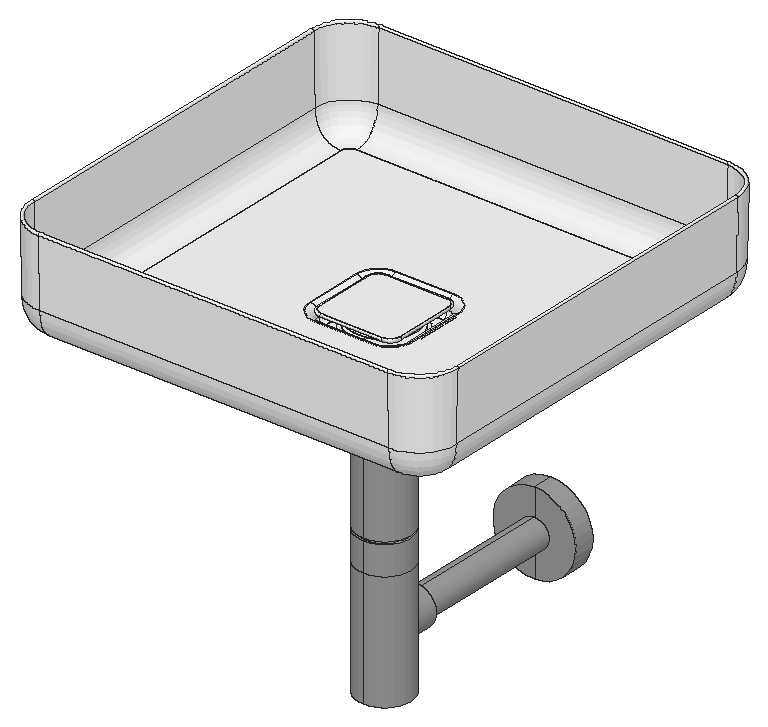
Revit family "KDW030047", category Plumbing Fixtures, Revit 2015
Parameters
  Youtube clip = ""
  Weight Net (Kg) = "8.9"
  Weight = "8.9"
  Website link = "https://www.kaldewei.co.uk/products/washbasins/detail/product/miena-schale/"
  WaterSupplyOverflowAndWasteHolesWaterSupply = "n/a"
  WaterSupplyOverflowAndWasteHolesWaste = "n/a"
  WaterSupplyOverflowAndWasteHolesOverflow = "n/a"
  WarrantyStartDate = "https://www.kaldewei.co.uk/fileadmin/data/sprachen/englisch/prospekte/rest/GB_GUARANTEE__CARE_AND_INSTALLATION_INSTRUCTIONS.pdf"
  WarrantyDurationUnit = "Year"
  WarrantyDurationParts = "30"
  VolumeToOverflowMaximum = "n/a"
  Version = "3"
  Uniformat II Description = ""
  Uniformat II Code = ""
  Uniclass2 = "Pr_40_20_96"
  Uniclass 2015 Name = ""
  Uniclass 2015 Code = ""
  Uniclass 2.0 Description = "Wash Basin Systems"
  Uniclass 2.0 Code = "SS-35-65-70-94"
  Uniclass 1.4 Description = "Washbasins"
  Uniclass 1.4 Code = "L7212"
  URL = "https://www.kaldewei.com"
  UNSPSCNames = "Sinks"
  UNSPSCCode = "30181504"
  UNSPSC Code = "301815"
  Type of support framing = "https://www.kaldewei.co.uk/products/washbasins/detail/product/miena-schale/?tx_wkkaldeweiproducts_product%5Bmodellnr%5D=3184&cHash=bdbbb1fb4d387b98c9bd922148e874df#tabConfiguration"
  Type of accessories = "https://www.kaldewei.co.uk/products/washbasins/detail/product/miena-schale/?tx_wkkaldeweiproducts_product%5Bmodellnr%5D=3184&cHash=bdbbb1fb4d387b98c9bd922148e874df#tabConfiguration"
  Technical description = "https://www.kaldewei.co.uk/fileadmin/data/sprachen/englisch/techdata/KADBE_WT_MIENA____________3184_.pdf"
  Technical data link = "https://kaldewei.typo-live.web-factory.de/fileadmin/data/sprachen/englisch/techdata/KADBE_WT_MIENA____________3184_.pdf"
  Sustainability = "https://EN 15804"
  Sound Insulation = "DIN 4109:2016, VDI4100:2012"
  Size = "400x400"
  Shape = "Bowl"
  SerialNumber = "3184"
  Region South America = "AR, BO, BR, CL, CO, EC, FK, GF, GY, PE, PY, SR, UY, VE"
  Region Oceania = "AS, AU, CK, FJ, FM, GU, KI, MH, MP, NC, NF, NR, NU, NZ, PF, PG, PN, PW, SB, TK, TL, TO, TV, UM, WF, WS, VU"
  Region North America = "AG, AI, AW, BB, BL, BM, BQ, BS, BZ, CA, CR, CU, CW, DM, DO, GD, GL, GP, GT, HN, HT, JM, KN, KY, LC, MF, MQ, MS, MX, NI, PA, PM, PR, SV, SX, TC, TT, US, VC, VG, VI"
  Region Middle East = "AE, AF, BH, EG, IL, IQ, IR, JO, KW, LB, OM, PS, QA, SA, SY, TR, YE"
  Region Europe = "AD, AL, AT, AX, BA, BE, BG, BY, CH, CY, CZ, DE, DK, EE, ES, FI, FO, FR, GB, GG, GI, GR, HR, HU, IE, IM, IS, IT, JE, LI, LT, LU, LV, MC, MD, ME, MK, MT, NL, NO, PL, PT, RO, RS, RU, SE, SI, SJ, SK, SM, UA, VA"
  Region Asia = "AM, AZ, BD, BN, BT, CC, CN, CX, GE, HK, ID, IN, IO, JP, KG, KH, KP, KR, KZ, LA, LK, MM, MN, MO, MV, MY, NP, PH, PK, SG, TH, TJ, TM, TW, UZ, VN"
  Region Antarctica = "AQ, BV, GS, HM, TF"
  Region Africa = "AO, BF, BI, BJ, BW, CD, CF, CG, CI, CM, CV, DJ, DZ, EH, ER, ET, GA, GH, GM, GN, GQ, GW, KE, KM, LR, LS, LY, MA, MG, ML, MR, MU, MW, MZ, NA, NE, NG, RE, RW, SC, SD, SH, SL, SN, SO, SS, ST, SZ, TD, TG, TN, TZ, UG, YT, ZA, ZM, ZW"
  QR code = "http://bimobject.com/kaldewei/product/3184"
  ProductInformation = "Model No. 3184: The angular MIENA bowls are just as filigree but with a far more masculine look. Comparatively small radii, the only partially rounded contours and the square waste cover accentuate this effect – and extend the spectrum of the bowl family in the most elegant way."
  Product url = "https://www.kaldewei.co.uk/products/washbasins/detail/product/miena-schale/"
  Product group = "Washbasin"
  Product family = "MIENA"
  Product data url = "http://bimobject.com/kaldewei/product/3184"
  Product certification = "https://www.kaldewei.co.uk/fileadmin/data/sprachen/alle/pdfs/leistungserkla__rungBW-DW-WT-0216Web.pdf"
  Product SKU = "3184"
  Product Guid = "ac8ec725-e15d-4e3a-a61a-953c5a2300ba"
  Polantis code = "KDW030047"
  PanelMaterial = "n/a"
  OmniClass Description = ""
  OmniClass Code = ""
  ObjectNorm = "EN 14688 EU DECLARATION OF PERFORMANCE (https://www.kaldewei.de/fileadmin/data/sprachen/alle/pdfs/leistungserkla__rungBW-DW-WT-0216Web.pdf)"
  ObjectName = "MIENA bowl 400x400"
  Nominal width = 400 cm
  Nominal height = 400 cm
  Name = "MIENA bowl"
  NBS Reference Description = "Wash Basin Systems"
  NBS Reference Code = "35-65-70-94"
  Material secondary = "Enamel"
  Material main = "Steel"
  Material = "steel enamel"
  Masterformat 2014 Description = ""
  Masterformat 2014 Code = ""
  ManufacturerName = "KALDEWEI"
  ManufacturerEmail = "info@kaldewei.de"
  ManufacturerCountry = "GERMANY"
  Manufacturer name = ""
  Manufacturer country = "Germany"
  Link towards a photo of the product = "https://www.kaldewei.co.uk/products/washbasins/detail/product/miena-schale/?tx_wkkaldeweiproducts_product%5Bmodellnr%5D=3184&cHash=bdbbb1fb4d387b98c9bd922148e874df#tabConfiguration"
  Installation instructions = ""
  IfcExportType = "IfcSanitaryTerminalType"
  IfcExportAs = "WASHHANDBASIN"
  IFC Classification = "Furnishing Element"
  Finish = "n/a"
  Edition number = "1"
  EAN code = ""
  Durability = "https://EN 14688"
  DrainSize = "n/a"
  Design country = "Germany"
  Description details = "KALDEWEI international Worldwide partner for iconic bathroom solutions made of KALDEWEI steel enamel  KALDEWEI steel enamel delivers unique advantages that inspire excellence in bathroom design. Projects across the world, from upmarket hotels to private homes, capture the sophisticated aesthetic that recommends KALDEWEI as the partner of choice. As a leading international manufacturer of high-quality shower surfaces, bathtubs and washbasins made of superior steel enamel, KALDEWEI today is present in more than 80 countries."
  Date of publishing = ""
  Configurator link = "https://www.kaldewei.co.uk/products/washbasins/detail/product/emerso-einbauwaschtisch/?tx_wkkaldeweiproducts_product%5Bmodellnr%5D=3022&cHash=126328c1e5a53dcef11378cd556585e1#tabConfiguration"
  ColourOptions = "https://www.kaldewei.co.uk/inspiration/material/colours/"
  Color = "https://www.kaldewei.co.uk/inspiration/material/colours/"
  COBIe Type Category = ""
  Brand url = "http://www.kaldewei.com"
  BIMobject category = "Basins"
  Additional features of the object = "https://www.kaldewei.co.uk/products/washbasins/detail/product/miena-schale/?tx_wkkaldeweiproducts_product%5Bmodellnr%5D=3184&cHash=bdbbb1fb4d387b98c9bd922148e874df#tabConfiguration"
  Accessory = yes
Reference planes (cm)
  plane 1 "Center (Front/Back)": y = 0
  plane 2: z = 0
  plane 3 "Center (Left/Right)": x = 0
Forms (cm)
  Revolve 1, solid, material "Kaldewei"
    sketch origin (0.2274, 0, -2.414) x (1, 0, 0) y (0, 0, 1)
      loop
        line (-1.9572, 0) -> (-1.9572, 0.276) -> (-2.0589, 0.276)
        arc (-2.0589, 0.276) -> (-2.1755, 0.2995) -> (-2.2738, 0.3684) r 0.2922
        arc (-2.2738, 0.3684) -> (-2.5032, 0.6131) -> (-2.7309, 0.8594) r 45.8241
        arc (-2.7309, 0.8594) -> (-2.9295, 1.0032) -> (-3.1619, 1.0812) r 0.8132
        line (-3.1619, 1.0812) -> (-3.1619, 0.7962)
        arc (-3.1619, 0.7962) -> (-3.0543, 0.7486) -> (-2.9505, 0.6931) r 1.5713
        arc (-2.9505, 0.6931) -> (-2.7153, 0.4361) -> (-2.4769, 0.182) r 28.3462
        arc (-2.4769, 0.182) -> (-2.3825, 0.1102) -> (-2.2827, 0.046) r 1.5127
        arc (-2.2827, 0.046) -> (-2.1701, 0.0207) -> (-2.0566, 0) r 2.8744
        line (-2.0566, 0) -> (-1.9572, 0)
      axis (0.3425, 1.0812) -> (0.3425, 0)
    angle from 0 to 360
  Sweep 2, solid, material "Kaldewei"
    path origin (0.2274, 0, -2.414) x (1, 0, 0) y (0, 1, 0)
      loop
        arc (5.1102, 2.6877) -> (4.5011, 4.1583) -> (3.0305, 4.7675) r 2.0798
        line (3.0305, 4.7675) -> (-2.3403, 4.7675)
        arc (-2.3403, 4.7675) -> (-3.8142, 4.157) -> (-4.4247, 2.6831) r 2.0844
        line (-4.4247, 2.6831) -> (-4.4247, -2.6879)
        arc (-4.4247, -2.6879) -> (-3.8156, -4.1584) -> (-2.3451, -4.7675) r 2.0796
        line (-2.3451, -4.7675) -> (3.0259, -4.7675)
        arc (3.0259, -4.7675) -> (4.4998, -4.157) -> (5.1102, -2.6831) r 2.0844
        line (5.1102, -2.6831) -> (5.1102, 2.6877)
    profile origin (5.3377, 0.0023, -2.414) x (1, 0, 0) y (0, 0, 1)
      loop
        arc (0, 2.714) -> (-0.5512, 2.3595) -> (-0.755, 1.7367) r 0.9781
        arc (-0.755, 1.7367) -> (-0.8682, 1.3412) -> (-1.187, 1.0812) r 0.687
        line (-1.187, 1.0812) -> (-1.187, 0.7961)
        arc (-1.187, 0.7961) -> (-0.6831, 1.1058) -> (-0.5014, 1.6687) r 0.8536
        arc (-0.5014, 1.6687) -> (-0.3729, 2.123) -> (0, 2.4127) r 0.7566
        line (0, 2.4127) -> (0, 2.714)
  Extrusion 3, solid, material "Kaldewei"
    sketch origin (0.2274, 0, -2.414) x (1, 0, 0) y (0, 1, 0)
      loop
        arc (-2.3403, 3.5805) -> (-2.9748, 3.3176) -> (-3.2377, 2.6831) r 0.8973
        line (-3.2377, 2.6831) -> (-3.2377, -2.6879)
        arc (-3.2377, -2.6879) -> (-2.9762, -3.319) -> (-2.3451, -3.5804) r 0.8926
        line (-2.3451, -3.5804) -> (3.0259, -3.5804)
        arc (3.0259, -3.5804) -> (3.6604, -3.3176) -> (3.9232, -2.6831) r 0.8973
        line (3.9232, -2.6831) -> (3.9232, 2.6877)
        arc (3.9232, 2.6877) -> (3.6617, 3.319) -> (3.0305, 3.5805) r 0.8928
        line (3.0305, 3.5805) -> (-2.3403, 3.5805)
      loop
        circle (0.3425, 0) r 3.5041
    from 0.7961 to 1.0812
  Sweep 4, solid, material "Kaldewei"
    path origin (0.2274, 0, -2.414) x (1, 0, 0) y (0, 1, 0)
      loop
        line (16.6802, 17.1601) -> (-15.9924, 17.1601)
        arc (-15.9924, 17.1601) -> (-16.5707, 16.9206) -> (-16.8102, 16.3424) r 0.8178
        line (-16.8102, 16.3424) -> (-16.8102, -16.3424)
        arc (-16.8102, -16.3424) -> (-16.5707, -16.9206) -> (-15.9924, -17.1601) r 0.8178
        line (-15.9924, -17.1601) -> (16.6802, -17.1601)
        arc (16.6802, -17.1601) -> (17.2584, -16.9206) -> (17.4979, -16.3424) r 0.8178
        line (17.4979, -16.3424) -> (17.4979, 16.3424)
        arc (17.4979, 16.3424) -> (17.2584, 16.9206) -> (16.6802, 17.1601) r 0.8178
    profile origin (0.5713, 17.1601, -2.414) x (0, -1, 0) y (0, 0, 1)
      loop
        spline (-2.7246, 5.4355) -> (-2.6748, 4.9377) -> (-2.5987, 4.504) -> (-2.4943, 4.1264) -> (-2.3598, 3.7971) -> (-2.1931, 3.5082) -> (-1.9923, 3.2518) -> (-1.7556, 3.0212) -> (-1.482, 2.8189) -> (-1.1704, 2.6509) -> (-0.8201, 2.5233) -> (-0.4303, 2.4423) -> (0, 2.414)
        line (0, 2.414) -> (0, 2.714)
        spline (0, 2.714) -> (-0.3347, 2.7383) -> (-0.7116, 2.8137) -> (-1.0955, 2.9435) -> (-1.4513, 3.1311) -> (-1.7462, 3.3788) -> (-1.9733, 3.6735) -> (-2.1428, 3.9927) -> (-2.2651, 4.3134) -> (-2.3508, 4.6127) -> (-2.4083, 4.8815) -> (-2.441, 5.1453) -> (-2.4513, 5.4355)
        line (-2.4513, 5.4355) -> (-2.5624, 11.801)
        arc (-2.5624, 11.801) -> (-2.7004, 11.939) -> (-2.8385, 11.801) r 0.138
        line (-2.8385, 11.801) -> (-2.7246, 5.4355)
  Extrusion 5, solid, material "Kaldewei"
    sketch origin (0.2274, 0, -2.414) x (1, 0, 0) y (0, 1, 0)
      loop
        arc (-15.9924, 17.1601) -> (-16.5707, 16.9206) -> (-16.8102, 16.3424) r 0.8178
        line (-16.8102, 16.3424) -> (-16.8102, -16.3424)
        arc (-16.8102, -16.3424) -> (-16.5707, -16.9206) -> (-15.9924, -17.1601) r 0.8178
        line (-15.9924, -17.1601) -> (16.6802, -17.1601)
        arc (16.6802, -17.1601) -> (17.2584, -16.9206) -> (17.4979, -16.3424) r 0.8178
        line (17.4979, -16.3424) -> (17.4979, 16.3424)
        arc (17.4979, 16.3424) -> (17.2584, 16.9206) -> (16.6802, 17.1601) r 0.8178
        line (16.6802, 17.1601) -> (-15.9924, 17.1601)
      loop
        line (-2.3451, -4.7675) -> (3.0259, -4.7675)
        arc (3.0259, -4.7675) -> (4.4998, -4.157) -> (5.1102, -2.6831) r 2.0844
        line (5.1102, -2.6831) -> (5.1102, 2.6877)
        arc (5.1102, 2.6877) -> (4.5011, 4.1583) -> (3.0305, 4.7675) r 2.0798
        line (3.0305, 4.7675) -> (-2.3403, 4.7675)
        arc (-2.3403, 4.7675) -> (-3.8142, 4.157) -> (-4.4247, 2.6831) r 2.0844
        line (-4.4247, 2.6831) -> (-4.4247, -2.6879)
        arc (-4.4247, -2.6879) -> (-3.8156, -4.1584) -> (-2.3451, -4.7675) r 2.0796
    from 2.414 to 2.714
Lines and regions (cm)
  symbolic lines, style "Lines"
    curve 1: line (3.2533, -4.0122, 0) -> (-2.1176, -4.0122, 0)
    curve 2: line (-3.442, -2.6879, 0) -> (-3.442, 2.6831, 0)
    curve 3: line (-2.1129, 4.0122, 0) -> (3.2579, 4.0122, 0)
    curve 4: line (4.5824, 2.6877, 0) -> (4.5824, -2.6831, 0)
    curve 5: line (-19.4212, 16.3424, 0) -> (-19.4212, -16.3424, 0)
    curve 6: line (-15.765, -19.9986, 0) -> (16.9076, -19.9986, 0)
    curve 7: line (20.5638, -16.3424, 0) -> (20.5638, 16.3424, 0)
    curve 8: line (16.9076, 19.9986, 0) -> (-15.765, 19.9986, 0)
    curve 9: arc (-19.4212, 16.3424, 0) -> (-18.3504, 18.9277, 0) -> (-15.765, 19.9986, 0) r 3.6562
    curve 10: arc (-19.4212, -16.3424, 0) -> (-18.3504, -18.9277, 0) -> (-15.765, -19.9986, 0) r 3.6562
    curve 11: arc (16.9076, -19.9986, 0) -> (19.493, -18.9277, 0) -> (20.5638, -16.3424, 0) r 3.6562
    curve 12: arc (20.5638, 16.3424, 0) -> (19.493, 18.9277, 0) -> (16.9076, 19.9986, 0) r 3.6562
    curve 13: arc (-3.442, 2.6831, 0) -> (-3.0527, 3.6229, 0) -> (-2.1129, 4.0122, 0) r 1.3291
    curve 14: arc (-3.442, -2.6879, 0) -> (-3.0541, -3.6243, 0) -> (-2.1176, -4.0122, 0) r 1.3243
    curve 15: arc (3.2533, -4.0122, 0) -> (4.1931, -3.6229, 0) -> (4.5824, -2.6831, 0) r 1.3291
    curve 16: arc (3.2579, 4.0122, 0) -> (4.1945, 3.6243, 0) -> (4.5824, 2.6877, 0) r 1.3245
    curve 17: line (-15.765, 19.6114, 0) -> (16.9076, 19.6114, 0)
    curve 18: arc (-19.0341, 16.3424, 0) -> (-18.0766, 18.654, 0) -> (-15.765, 19.6114, 0) r 3.2691
    curve 19: line (-19.0341, -16.3424, 0) -> (-19.0341, 16.3424, 0)
    curve 20: arc (-15.765, -19.6114, 0) -> (-18.0766, -18.654, 0) -> (-19.0341, -16.3424, 0) r 3.2691
    curve 21: line (16.9076, -19.6114, 0) -> (-15.765, -19.6114, 0)
    curve 22: arc (20.1767, -16.3424, 0) -> (19.2192, -18.654, 0) -> (16.9076, -19.6114, 0) r 3.2691
    curve 23: line (20.1767, 16.3424, 0) -> (20.1767, -16.3424, 0)
    curve 24: arc (16.9076, 19.6114, 0) -> (19.2192, 18.654, 0) -> (20.1767, 16.3424, 0) r 3.2691
    curve 25: line (-3.1971, -2.8684, 0) -> (-3.1971, 2.8177, 0)
    curve 26: arc (-3.1971, 2.8177, 0) -> (-2.9241, 3.4766, 0) -> (-2.2652, 3.7495, 0) r 0.9319
    curve 27: line (-2.2652, 3.7495, 0) -> (3.4103, 3.7495, 0)
    curve 28: arc (3.4103, 3.7495, 0) -> (4.0275, 3.4939, 0) -> (4.2832, 2.8767, 0) r 0.8728
    curve 29: line (4.2832, 2.8767, 0) -> (4.2832, -2.8684, 0)
    curve 30: arc (4.2832, -2.8684, 0) -> (4.0275, -3.4856, 0) -> (3.4103, -3.7412, 0) r 0.8728
    curve 31: line (3.4103, -3.7412, 0) -> (-2.3242, -3.7412, 0)
    curve 32: arc (-2.3242, -3.7412, 0) -> (-2.9414, -3.4856, 0) -> (-3.1971, -2.8684, 0) r 0.8728
    curve 33: line (16.9076, 17.1601, 0) -> (-15.765, 17.1601, 0)
    curve 34: arc (-15.765, 17.1601, 0) -> (-16.3433, 16.9206, 0) -> (-16.5828, 16.3424, 0) r 0.8178
    curve 35: line (-16.5828, 16.3424, 0) -> (-16.5828, -16.3424, 0)
    curve 36: arc (17.7254, 16.3424, 0) -> (17.4859, 16.9206, 0) -> (16.9076, 17.1601, 0) r 0.8178
    curve 37: line (17.7254, -16.3424, 0) -> (17.7254, 16.3424, 0)
    curve 38: arc (16.9076, -17.1601, 0) -> (17.4859, -16.9206, 0) -> (17.7254, -16.3424, 0) r 0.8178
    curve 39: line (-15.765, -17.1601, 0) -> (16.9076, -17.1601, 0)
    curve 40: arc (-16.5828, -16.3424, 0) -> (-16.3433, -16.9206, 0) -> (-15.765, -17.1601, 0) r 0.8178
Nested families (cm)
  nested 1: "WB_PERMANENTVENTIL_ECKIG_EMAILLIERT" at (1.0256, -0.5484, -3.6916), type "WB_PERMANENTVENTIL_ECKIG_EMAILLIERT"
  nested 2: "WB_Permanentventil_Rund_Emailliert" at (0.5332, 4.3126, 0.5937), visible <- "Accessory", type "WB_Permanentventil_Rund_Emailliert"
Connectors (cm)
  piping at (0.1982, 19.9986, -26.6296), diameter 5
    settings: on nested 2, index 1, connector inside diameter 609.6 mm, connector length 0 cm, flow factor 0, pipe flow 0.0 L/s, pressure drop 0.0 Pa, fitting loss kfactor 0, connector angle 0.00°, fixture units 0, engagement length 0 cm, angle of deflection 0.00°, flow configuration 0, flow direction 2, fitting loss method 0, system type 16, joint type 0, gender type 0, connector reference index -1, connector utility 0, adjustable connector no, is connector primary yes, connector description ""
Definition of nested family "WB_PERMANENTVENTIL_ECKIG_EMAILLIERT"
  Parameters (values of type "WB_PERMANENTVENTIL_ECKIG_EMAILLIERT")
    Plomberie = none
  Reference planes (cm)
    plane 1 "Center (Front/Back)": y = 0
    plane 2: z = 0
    plane 3 "Center (Left/Right)": x = 0
  Forms (cm)
    Sweep 1, solid, material <- "Plomberie"
      path origin (0, 0, 0) x (1, 0, 0) y (0, 1, 0)
        loop
          arc (-3.293, 4.4251) -> (-4.0418, 4.1149) -> (-4.352, 3.3661) r 1.059
          line (-4.352, 3.3661) -> (-4.352, -2.32)
          arc (-4.352, -2.32) -> (-4.0591, -3.0271) -> (-3.352, -3.32) r 1
          line (-3.352, -3.32) -> (2.3826, -3.32)
          arc (2.3826, -3.32) -> (3.0897, -3.0271) -> (3.3826, -2.32) r 1
          line (3.3826, -2.32) -> (3.3826, 3.4251)
          arc (3.3826, 3.4251) -> (3.0897, 4.1322) -> (2.3826, 4.4251) r 1
          line (2.3826, 4.4251) -> (-3.293, 4.4251)
      profile origin (-0.4552, 4.4251, 0) x (0, 1, 0) y (0, 0, 1)
        loop
          line (-0.1272, 4.1301) -> (-0.1272, 3.8509)
          arc (-0.1272, 3.8509) -> (0.0124, 3.9905) -> (-0.1272, 4.1301) r 0.1396
    Extrusion 2, solid, material <- "Plomberie"
      sketch origin (0, 0, 0) x (1, 0, 0) y (0, 1, 0)
        loop
          line (-4.2248, 3.3661) -> (-4.2248, -2.32)
          arc (-4.2248, -2.32) -> (-3.9692, -2.9371) -> (-3.352, -3.1928) r 0.8728
          line (-3.352, -3.1928) -> (2.3826, -3.1928)
          arc (2.3826, -3.1928) -> (2.9998, -2.9371) -> (3.2554, -2.32) r 0.8728
          line (3.2554, -2.32) -> (3.2554, 3.4251)
          arc (3.2554, 3.4251) -> (2.9998, 4.0423) -> (2.3826, 4.2979) r 0.8728
          line (2.3826, 4.2979) -> (-3.293, 4.2979)
          arc (-3.293, 4.2979) -> (-3.9519, 4.025) -> (-4.2248, 3.3661) r 0.9319
      from 3.8509 to 4.1301
    Revolve 3, solid, material <- "Plomberie"
      sketch origin (-0.5045, 0, -0.021) x (0, 1, 0) y (0, 0, 1)
        loop
          line (0.6578, 3.8797) -> (0.6578, -2.0835) -> (2.6224, -2.0835) -> (2.6224, -1.9505)
          arc (2.6224, -1.9505) -> (2.6705, -1.9025) -> (2.6224, -1.8545) r 0.048
          line (2.6224, -1.8545) -> (2.6224, -1.7658) -> (2.7184, -1.7104)
          arc (2.7184, -1.7104) -> (2.7401, -1.6742) -> (2.721, -1.6367) r 0.0435
          line (2.721, -1.6367) -> (2.6224, -1.5702) -> (2.7209, -1.5133)
          arc (2.7209, -1.5133) -> (2.7417, -1.4787) -> (2.7234, -1.4428) r 0.0416
          line (2.7234, -1.4428) -> (2.6224, -1.3746) -> (2.7162, -1.3205)
          arc (2.7162, -1.3205) -> (2.7387, -1.2831) -> (2.7189, -1.2441) r 0.045
          line (2.7189, -1.2441) -> (2.6224, -1.1791) -> (2.7089, -1.1291)
          arc (2.7089, -1.1291) -> (2.7341, -1.0873) -> (2.7119, -1.0438) r 0.0503
          line (2.7119, -1.0438) -> (2.6224, -0.9835) -> (2.7108, -0.9325)
          arc (2.7108, -0.9325) -> (2.7352, -0.8918) -> (2.7137, -0.8495) r 0.049
          line (2.7137, -0.8495) -> (2.6224, -0.7879) -> (2.716, -0.7339)
          arc (2.716, -0.7339) -> (2.7386, -0.6963) -> (2.7187, -0.6573) r 0.0452
          line (2.7187, -0.6573) -> (2.6224, -0.5924) -> (2.7194, -0.5364)
          arc (2.7194, -0.5364) -> (2.7408, -0.5008) -> (2.722, -0.4639) r 0.0427
          line (2.722, -0.4639) -> (2.6224, -0.3968) -> (2.7787, -0.3066) -> (3.2353, -0.2385) -> (3.2353, 0.3277) -> (3.5652, 0.3277) -> (3.6731, 0.4357) -> (3.6731, 0.5805) -> (3.7999, 0.5805) -> (3.7999, 0.6857) -> (2.705, 0.6857) -> (2.6256, 0.7651) -> (2.7689, 0.8853) -> (2.6256, 0.9856) -> (2.7715, 1.108) -> (2.6256, 1.2102) -> (2.782, 1.3414) -> (2.6256, 1.4509) -> (3.031, 1.7911)
          arc (3.031, 1.7911) -> (2.9701, 1.9759) -> (3.0967, 2.1236) r 0.1981
          line (3.0967, 2.1236) -> (3.7651, 2.3669) -> (3.7651, 2.4686) -> (2.81, 2.4686) -> (2.9656, 2.5532)
          arc (2.9656, 2.5532) -> (3.0153, 2.6297) -> (3.0328, 2.7193) r 0.2391
          line (3.0328, 2.7193) -> (3.0328, 2.901) -> (3.5884, 2.9301) -> (3.6584, 3) -> (2.81, 3) -> (2.81, 3.701) -> (3.8314, 3.701) -> (3.8314, 3.8797) -> (0.6578, 3.8797)
        axis (0.6578, 3.8797) -> (0.6578, -2.0835)
      angle from 0 to 360
Definition of nested family "WB_Permanentventil_Rund_Emailliert"
  Parameters (values of type "WB_Permanentventil_Rund_Emailliert")
    Plomberie = none
  Reference planes (cm)
    plane 1 "Center (Front/Back)": y = 0
    plane 2: z = 0
    plane 3 "Center (Left/Right)": x = 0
  Forms (cm)
    Revolve 1, solid, material <- "Plomberie"
      sketch origin (-0.022, -4.2115, -4.9899) x (0, 1, 0) y (0, 0, 1)
        loop
          line (0, 0.4451) -> (0, -27.5174) -> (2.4482, -27.5174) -> (2.4482, -16.5467) -> (2.4482, -13.8674) -> (2.1851, -13.8674) -> (2.1851, -13.5891) -> (2.4482, -13.5891) -> (2.4482, -4.4674) -> (2.6514, -4.4674) -> (2.6514, 0.4451) -> (0, 0.4451)
        axis (0, 0.4451) -> (0, -27.5174)
      angle from 0 to 360
    Revolve 2, solid, material <- "Plomberie"
      sketch origin (-0.3349, -6.1135, -8.706) x (0, 1, 0) y (0, 0, 1)
        loop
          line (0.3559, -17.5976) -> (0.7848, -18.5174) -> (21.7995, -18.5174) -> (21.7995, -14.6689) -> (19.827, -14.6689) -> (19.827, -17.1689) -> (6.0136, -17.1689) -> (6.0136, -16.6689) -> (2.3474, -16.6689) -> (0.3559, -17.5976)
        axis (0.3559, -18.5174) -> (21.7995, -18.5174)
      angle from 0 to 360
